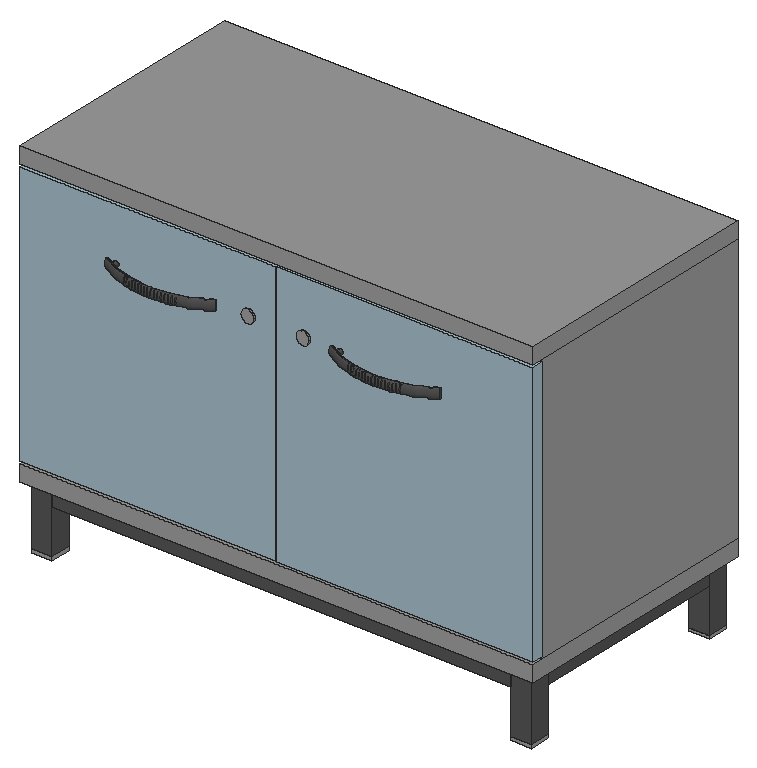
Revit family "800 Low Storage", category Furniture, Revit 2019
Family settings
  OmniClass Number = 23.40.20.00
  OmniClass Title = General Furniture and Specialties
  Work Plane-Based = No
  Always vertical = Yes
  Cut with Voids When Loaded = No
  Shared = No
  Room Calculation Point = No
Parameters (values of type "Storage - 800 Low Storage Unit")
  Width = 800 mm
  URL = "www.gof.co.uk"
  Range = "STORAGE"
  Product Data Specification = ""
  Product Code = "KQ0806ST"
  Product Brochure = ""
  Model = "KULTURE QUOLL"
  Manufacturer = "Gresham Office Furniture"  # constant formula
  Handle = Gresham - BLACK METAL
  Frame = Gresham - BLACK METAL
  Doors = Gresham - Azure
  Carcass = Gresham - MIDNIGHT ASH VERTICAL
  Depth = 400 mm
Reference planes
  plane 1 "Center (Front/Back)": y = 0
  plane 2: z = 0
  plane 3 "Center (Left/Right)": x = 0
  plane 4: x = -400
  plane 5: x = 400
  plane 6: y = 200
  plane 7 "Front": y = -200
  plane 8 "Storage Top": z = 569
  plane 9: z = 556.5
  plane 10 "Door Front": y = -182
  plane 11: z = 112.5
  plane 12: z = 544
  plane 13: z = 1400
  plane 14: z = 984
  plane 15: z = 959
  plane 16: z = 1375
  plane 17: z = 125
  plane 18: z = 100
  plane 19: z = 568.5
  plane 20: z = 543.5
Forms (mm)
  Extrusion 1, solid, material "Gresham - MIDNIGHT ASH VERTICAL" <- "Carcass"
    sketch origin (0, -5.525, 5) x (-1, 0, 0) y (0, -1, 0)
      loop
        line (382, -205.525) -> (382, -187.525) -> (-382, -187.525) -> (-382, -205.525) -> (382, -205.525)
    from 120 to 539
  Extrusion 2, solid, material "Gresham - MIDNIGHT ASH VERTICAL" <- "Carcass"
    sketch origin (0, 0, 0) x (1, 0, 0) y (0, 1, 0)
      loop
        line (-400, 200) -> (-400, -182) -> (-382, -182) -> (-382, 200) -> (-400, 200)
      loop
        line (400, 200) -> (382, 200) -> (382, -182) -> (400, -182) -> (400, 200)
    from 125 to 544
  Extrusion 3, solid, material "Gresham - MIDNIGHT ASH VERTICAL"
    sketch origin (0, 7, -5) x (0, 1, 0) y (0, 0, 1)
      loop
        line (-207, 549) -> (193, 549) -> (193, 574) -> (-207, 574) -> (-207, 549)
    from -400 to 400
  Extrusion 4, solid, material "Gresham - MIDNIGHT ASH VERTICAL" <- "Carcass"
    sketch origin (0, -6.874, 39) x (0, 1, 0) y (0, 0, 1)
      loop
        line (-193.126, 61) -> (206.874, 61) -> (206.874, 86) -> (-193.126, 86) -> (-193.126, 61)
    from -400 to 400
  Extrusion 5, solid, material "Gresham - MIDNIGHT ASH VERTICAL" <- "Carcass"
    sketch origin (-8.088, 0, 0) x (1, 0, 0) y (0, 1, 0)
      loop
        line (17.088, 182) -> (-0.912, 182) -> (-0.912, -182) -> (17.088, -182) -> (17.088, 182)
    from 125 to 544
Dimensions and locks
  equal spacing: plane 4, plane 3 "Center (Left/Right)", plane 5
  "Width": plane 4 to plane 5
  equal spacing: plane 6, plane 1 "Center (Front/Back)", plane 7 "Front"
  locked: Extrusion 2 to Extrusion 2 at 18  (x2)
  Extrusion 3 sketch curve to Extrusion 3 sketch curve = 25 mm
  "Depth": plane 6 to plane 7 "Front"
  Extrusion 2 to plane 7 "Front" = 18 mm
  plane 8 "Storage Top" to plane 2 = 569 mm
  locked: Extrusion 3 to Extrusion 3 at 25
  locked: Extrusion 1 to Extrusion 1 at 18
  locked: plane 8 "Storage Top" to plane 9 at 12.5
  equal spacing: Extrusion 5, plane 3 "Center (Left/Right)", Extrusion 5
  locked: Extrusion 5 to Extrusion 5 at 18
  locked: plane 10 "Door Front" to plane 7 "Front" at 18
  Extrusion 4 sketch curve to Extrusion 4 sketch curve = 25 mm
  equal spacing: Extrusion 4, plane 11, Extrusion 4
  locked: Extrusion 4 to Extrusion 4 at 25
  locked: plane 11 to level at 112.5
  locked: plane 8 "Storage Top" to plane 12 at 25
  plane 12 to plane 11 = 431.5 mm  (x2)
  locked: plane 13 to level at 1400
  locked: plane 14 to level at 984
  locked: plane 14 to plane 15 at 25
  locked: plane 13 to plane 16 at 25
  locked: plane 17 to plane 18 at 25
  locked: plane 19 to plane 20 at 25
  aligned and locked: level to plane 2
  aligned and locked: Extrusion 2 to plane 5
  aligned and locked: Extrusion 2 to plane 4
  aligned and locked: Extrusion 2 to Extrusion 1
  aligned and locked: Extrusion 1 to Extrusion 2  (x3)
  aligned and locked: Extrusion 3 to plane 5
  aligned and locked: Extrusion 3 to plane 4
  aligned and locked: Extrusion 2 to Extrusion 3
  aligned and locked: Extrusion 3 to plane 7 "Front"
  aligned and locked: plane 8 "Storage Top" to Extrusion 3
  aligned and locked: plane 6 to Extrusion 3
  aligned and locked: plane 6 to Extrusion 2  (x2)
  aligned and locked: plane 6 to Extrusion 1
  aligned and locked: plane 6 to Extrusion 4
  aligned and locked: Extrusion 5 sketch curve to Extrusion 1
  aligned and locked: Extrusion 1 to Extrusion 5  (x2)
  aligned and locked: Extrusion 4 to plane 7 "Front"
Automatic sketch dimensions
  Extrusion 1 sketch curve to plane 6 = 0 mm
  plane 5 to Extrusion 1 sketch curve = 18 mm
  plane 4 to Extrusion 1 sketch curve = 18 mm
  Extrusion 1 sketch curve to Extrusion 1 sketch curve = 18 mm
  Extrusion 2 sketch curve to plane 4 = 0 mm
  Extrusion 2 sketch curve to plane 6 = 0 mm  (x2)
  plane 10 "Door Front" to Extrusion 2 sketch curve = 0 mm  (x2)
  Extrusion 2 sketch curve to plane 5 = 0 mm
  plane 4 to Extrusion 2 sketch curve = 18 mm
  plane 5 to Extrusion 2 sketch curve = 18 mm
  Extrusion 3 sketch curve to plane 7 "Front" = 0 mm
  Extrusion 3 sketch curve to plane 6 = 0 mm
  Extrusion 3 sketch curve to plane 12 = 0 mm
  Extrusion 4 sketch curve to plane 7 "Front" = 0 mm
  Extrusion 4 sketch curve to plane 6 = 0 mm
  Extrusion 4 sketch curve to plane 18 = 0 mm
  plane 10 "Door Front" to Extrusion 5 sketch curve = 0 mm
  Extrusion 5 sketch curve to plane 3 "Center (Left/Right)" = 9 mm
  plane 3 "Center (Left/Right)" to Extrusion 5 sketch curve = 9 mm
Nested families
  nested 1: "Modular Storage Frame" at (0, 0, 0), type "Modular Storage Frame"
    with Width 780 mm
  nested 2: "Hinged Locking Wooden Doors - HD1 - Level 1" at (0, 0, 0), Doors <- "Doors", Handle <- "Handle", type "Hinged Locking Wooden Doors - HD1 - Level 1"
    with Handle Type D no, Handle Type C no, Handle Type B yes, Handle Gresham - BLACK METAL, Doors Gresham - Azure, Width 800 mm
Definition of nested family "Modular Storage Frame"
  Parameters (values of type "Modular Storage Frame")
    Width = 1180 mm
    URL = "www.gof.co.uk"
    Frame = none
    Range = "STORAGE"
    Product Data Specification = ""
    Product Code = ""
    Product Brochure = ""
    Model = "MODULAR STORAGE"
    Manufacturer = "Gresham Office Furniture"  # constant formula
    Foot = none
    Depth = 380 mm
  Reference planes
    plane 1 "Center (Front/Back)": y = 0
    plane 2: z = 0
    plane 3 "Center (Left/Right)": x = 0
    plane 4: x = -590
    plane 5: x = 590
    plane 6: y = 190
    plane 7: y = -190
  Forms (mm)
    Extrusion 1, solid, material <- "Frame"
      sketch origin (76, -5.525, 0) x (-1, 0, 0) y (0, -1, 0)
        loop
          line (634, -195.525) -> (634, -170.525) -> (-482, -170.525) -> (-482, -195.525) -> (634, -195.525)
        loop
          line (634, 184.475) -> (-482, 184.475) -> (-482, 159.475) -> (634, 159.475) -> (634, 184.475)
        loop
          line (-514, -163.525) -> (-489, -163.525) -> (-489, 152.475) -> (-514, 152.475) -> (-514, -163.525)
        loop
          line (666, -163.525) -> (666, 152.475) -> (641, 152.475) -> (641, -163.525) -> (666, -163.525)
      from 75 to 100
    Extrusion 2, solid, material <- "Frame"
      sketch origin (0, 0, 0) x (1, 0, 0) y (0, 1, 0)
        loop
          line (590, -190) -> (590, -158) -> (558, -158) -> (558, -190) -> (590, -190)
        loop
          line (590, 190) -> (558, 190) -> (558, 158) -> (590, 158) -> (590, 190)
        loop
          line (-590, -190) -> (-558, -190) -> (-558, -158) -> (-590, -158) -> (-590, -190)
        loop
          line (-590, 190) -> (-590, 158) -> (-558, 158) -> (-558, 190) -> (-590, 190)
      from 5 to 100
    Extrusion 3, solid, material <- "Foot"
      sketch origin (0, 0, 0) x (1, 0, 0) y (0, 1, 0)
        loop
          line (590, 190) -> (558, 190) -> (558, 158) -> (590, 158) -> (590, 190)
        loop
          line (590, -158) -> (558, -158) -> (558, -190) -> (590, -190) -> (590, -158)
        loop
          line (-590, -190) -> (-558, -190) -> (-558, -158) -> (-590, -158) -> (-590, -190)
        loop
          line (-590, 190) -> (-590, 158) -> (-558, 158) -> (-558, 190) -> (-590, 190)
      from 0 to 5
  Dimensions and locks
    equal spacing: plane 4, plane 3 "Center (Left/Right)", plane 5
    "Width": plane 4 to plane 5
    equal spacing: plane 6, plane 1 "Center (Front/Back)", plane 7
    "Depth": plane 6 to plane 7
    Extrusion 2 sketch curve to Extrusion 2 sketch curve = 32 mm  (x7)
    locked: Extrusion 1 to Extrusion 1 at 25
    locked: Extrusion 2 to plane 5 at 32  (x2)
    locked: Extrusion 2 to Extrusion 2 at 32
    locked: plane 6 to Extrusion 2 at 32  (x2)
    locked: plane 4 to Extrusion 2 at 32  (x2)
    locked: Extrusion 2 to plane 7 at 32
    locked: Extrusion 1 to plane 5 at 25
    locked: plane 4 to Extrusion 1 at 25
    Extrusion 1 to plane 2 = 100 mm
    aligned and locked: level to plane 2
    aligned and locked: Extrusion 2 to Extrusion 1
    aligned and locked: plane 6 to Extrusion 1
    aligned and locked: Extrusion 1 sketch curve to Extrusion 2
    aligned and locked: Extrusion 2 to Extrusion 1 sketch curve
  Automatic sketch dimensions
    Extrusion 1 sketch curve to plane 5 = 0 mm
    Extrusion 1 sketch curve to plane 7 = 0 mm
    Extrusion 1 sketch curve to plane 4 = 0 mm
    Extrusion 1 sketch curve to plane 6 = 0 mm
    Extrusion 1 sketch curve to Extrusion 1 sketch curve = 7 mm  (x5)
    plane 4 to Extrusion 1 sketch curve = 32 mm
    Extrusion 1 sketch curve to Extrusion 1 sketch curve = 25 mm  (x2)
    plane 7 to Extrusion 1 sketch curve = 32 mm  (x2)
    Extrusion 3 sketch curve to plane 4 = 0 mm  (x2)
    Extrusion 3 sketch curve to plane 7 = 0 mm  (x2)
    Extrusion 3 sketch curve to plane 6 = 0 mm  (x2)
    Extrusion 3 sketch curve to plane 5 = 0 mm  (x2)
    Extrusion 3 sketch curve to Extrusion 3 sketch curve = 32 mm  (x5)
    plane 7 to Extrusion 3 sketch curve = 32 mm
    Extrusion 3 sketch curve to plane 6 = 32 mm  (x2)
    Extrusion 2 sketch curve to plane 4 = 0 mm  (x2)
    Extrusion 2 sketch curve to plane 6 = 0 mm  (x2)
    Extrusion 2 sketch curve to plane 7 = 0 mm  (x2)
    Extrusion 2 sketch curve to plane 5 = 0 mm  (x2)
    Extrusion 2 sketch curve to Extrusion 2 sketch curve = 32 mm
Definition of nested family "Hinged Locking Wooden Doors - HD1 - Level 1"
  Parameters (values of type "Hinged Locking Wooden Doors - HD1 - Level 1")
    Width = 1200 mm
    URL = "www.gof.co.uk"
    Range = "STORAGE"
    Product Data Specification = ""
    Product Code = "HD1"
    Product Brochure = ""
    Model = "BOOKCASE"
    Manufacturer = "Gresham Office Furniture"  # constant formula
    Height = 1816 mm
    Handle Type D [instance] = no
    Handle Type C [instance] = yes
    Handle Type B [instance] = no
    Handle [instance] = none
    HD1 - Lock = yes
    Doors [instance] = none
    Depth = 400 mm
  Reference planes
    plane 1 "Center (Front/Back)": y = 0
    plane 2: z = 0
    plane 3 "Center (Left/Right)": x = 0
    plane 4: x = -600
    plane 5: x = 600
    plane 6: y = 200
    plane 7 "Front": y = -200
    plane 8 "Storage Top": z = 1816
    plane 9: z = 1803.5
    plane 10 "Door Front": y = -182
    plane 11: z = 112.5
    plane 12: z = 1791
    plane 13: z = 1400
    plane 14: z = 984
    plane 15: z = 959
    plane 16: z = 1375
    plane 17: z = 125
    plane 18: z = 100
  Forms (mm)
    Extrusion 1, solid, material <- "Doors", visible <- "HD1 - Lock"
      sketch origin (-839.743, -182, 703.9) x (1, 0, 0) y (0, 0, 1)
        loop
          line (840.743, -575.4) -> (1439.743, -575.4) -> (1439.743, -163.4) -> (840.743, -163.4) -> (840.743, -575.4)
      from 0 to 18
    Extrusion 2, solid, visible <- "HD1 - Lock"
      sketch origin (0, 0, 0) x (-1, 0, 0) y (0, 0, -1)
        loop
          circle (-43, -457) r 10
      from 200 to 202
    Extrusion 3, solid, material <- "Doors", visible <- "HD1 - Lock"
      sketch origin (839.743, -182, 703.9) x (-1, 0, 0) y (0, 0, -1)
        loop
          line (840.743, 575.4) -> (840.743, 163.4) -> (1439.743, 163.4) -> (1439.743, 575.4) -> (840.743, 575.4)
      from 0 to 18
    Extrusion 4, solid, visible <- "HD1 - Lock"
      sketch origin (0, 0, 0) x (1, 0, 0) y (0, 0, 1)
        loop
          circle (-43, 457) r 10
      from 200 to 202
  Dimensions and locks
    equal spacing: plane 4, plane 3 "Center (Left/Right)", plane 5
    "Width": plane 4 to plane 5
    equal spacing: plane 6, plane 1 "Center (Front/Back)", plane 7 "Front"
    "Depth": plane 6 to plane 7 "Front"
    "Height": plane 8 "Storage Top" to plane 2
    locked: plane 8 "Storage Top" to plane 9 at 12.5
    locked: plane 10 "Door Front" to plane 7 "Front" at 18
    locked: plane 11 to level at 112.5
    locked: plane 8 "Storage Top" to plane 12 at 25
    plane 12 to plane 11 = 1678.5 mm  (x2)
    locked: plane 13 to level at 1400
    locked: plane 14 to level at 984
    locked: plane 14 to plane 15 at 25
    locked: plane 13 to plane 16 at 25
    locked: plane 17 to plane 18 at 25
    locked: Extrusion 1 to Extrusion 1 at 412
    locked: Extrusion 1 to Extrusion 1 at 18
    locked: Extrusion 1 sketch curve to plane 3 "Center (Left/Right)" at 1
    locked: Extrusion 1 to nested 1 at 83.5
    locked: Extrusion 1 to nested 2 at 99
    locked: Extrusion 1 to nested 2 at 83.5
    locked: Extrusion 1 to nested 1 at 99
    locked: Extrusion 1 to nested 3 at 83.5
    locked: Extrusion 1 to nested 3 at 99
    locked: Extrusion 3 to Extrusion 3 at 412
    locked: Extrusion 3 to Extrusion 3 at 18
    locked: Extrusion 3 to nested 3 at 83.5
    locked: Extrusion 3 to nested 6 at 99
    locked: Extrusion 3 to nested 6 at 83.5
    locked: Extrusion 3 to nested 4 at 83.5
    locked: Extrusion 3 to nested 4 at 99
    locked: Extrusion 3 to nested 5 at 83.5
    locked: Extrusion 3 to nested 5 at 99
    locked: Extrusion 1 to plane 17 at 3.5
    aligned and locked: level to plane 2
    aligned and locked: Extrusion 2 sketch curve to nested 1
    aligned and locked: nested 6 to Extrusion 4 sketch curve
  Automatic sketch dimensions
    plane 5 to Extrusion 1 sketch curve = 0 mm
    plane 17 to Extrusion 1 sketch curve = 3.5 mm
    Extrusion 1 sketch curve to Extrusion 1 sketch curve = 412 mm
    Extrusion 2 sketch curve to plane 3 "Center (Left/Right)" = 43 mm
    Extrusion 3 sketch curve to plane 4 = 0 mm
    Extrusion 3 sketch curve to plane 3 "Center (Left/Right)" = 1 mm
    plane 17 to Extrusion 3 sketch curve = 415.5 mm
    plane 17 to Extrusion 3 sketch curve = 3.5 mm
    Extrusion 4 sketch curve to plane 3 "Center (Left/Right)" = 43 mm
    radius of Extrusion 2 sketch curve = 10 mm
    radius of Extrusion 4 sketch curve = 10 mm
  Nested families
    nested 1: "Handle Type C-1" at (175, -200, -524.138) x (-1, 0, 0) z (0, 0, 1), visible <- "Handle Type C", type "Handle Type C-1"
    nested 2: "Handle Type B-1" at (175, -200, -537.578) x (-1, 0, 0) z (0, 0, 1), visible <- "Handle Type B", type "Handle Type B-1"
    nested 3: "Handle Type D-1" at (175, -200, -537.578) x (-1, 0, 0) z (0, 0, 1), visible <- "Handle Type D", type "Handle Type D-1"
    nested 4: "Handle Type C-1" at (-175, -200, -524.138), visible <- "Handle Type C", type "Handle Type C-1"
    nested 5: "Handle Type B-1" at (-175, -200, -537.578), visible <- "Handle Type B", type "Handle Type B-1"
    nested 6: "Handle Type D-1" at (-175, -200, -537.578), visible <- "Handle Type D", type "Handle Type D-1"
  Definition of nested family "Handle Type C-1"
    Parameters (values of type "Handle Type C-1")
      URL = "www.gof.co.uk"
      Type Comments = ""
      Range = "STORAGE"
      Handle Type C = none
      Product Code = "Handle Type C"
      Model = ""
      Manufacturer = "Gresham Office Furniture"  # constant formula
      Assembly Code = "E2020200"
    Reference planes
      plane 1 "Center (Front/Back)": y = 0
      plane 2: z = 0
      plane 3 "Center (Left/Right)": x = 0
      plane 4: x = -475
      plane 5: x = 475
      plane 6 "Storage Top": z = 2007
      plane 7: y = 260
      plane 8: y = -260
    Forms (mm)
      Extrusion 1, void
        sketch origin (981.138, 0, 981.138) x (0, 1, 0) y (-1, 0, 0)
          loop
            line (0, 1072) -> (0, 884.5) -> (27.401, 884.5) -> (27.401, 1072) -> (0, 1072)
        from -12.204 to 11.22
      Sweep 2, solid, material <- "Handle Type C"
        path in 3D
          loop
            arc (-78.75, 3.75, 981.138) -> (0, -30, 981.138) -> (78.75, 3.75, 981.138) r 108.75
        profile origin (0, -30, 981.138) x (0, 1, 0) y (0, 0, 1)
          loop
            circle (0, 0) r 5
    Cuts and joins
      Extrusion 1 cuts Sweep 2
    Lines and regions (mm)
      model lines, detail levels coarse+medium
        curve 1: line (68, 0, 981.138) -> (-68, 0, 981.138)
      model lines, not visible, detail levels coarse+medium
        curve 2: line (0, 0, 986.138) -> (0, 0, 976.138)
      model lines, not visible
        curve 3: line (0, 0, 981.138) -> (0, -30, 981.138)
        curve 5: line (-75, 0, 976.138) -> (-75, 0, 986.138)
        curve 6: line (75, 0, 986.138) -> (75, 0, 976.138)
      sketch lines
        curve 4: arc (-78.75, 3.75, 981.138) -> (0, -30, 981.138) -> (78.75, 3.75, 981.138) r 108.75
    Dimensions and locks
      equal spacing: plane 4, plane 3 "Center (Left/Right)", plane 5
      locked: plane 4 to plane 5 at 950
      equal spacing: plane 7, plane 1 "Center (Front/Back)", plane 8
      locked: plane 7 to plane 8 at 520
      aligned and locked: level to plane 2
    Automatic sketch dimensions
      curve 3 to plane 1 "Center (Front/Back)" = 0 mm
      plane 1 "Center (Front/Back)" to curve 3 = 30 mm
      curve 2 to plane 3 "Center (Left/Right)" = 0 mm
      level to curve 2 = 976.138 mm
      curve 1 to plane 3 "Center (Left/Right)" = 68 mm
      curve 5 to curve 1 = 7 mm
      plane 3 "Center (Left/Right)" to curve 1 = 68 mm
      curve 1 to curve 6 = 7 mm
      curve 6 to curve 2 = 0 mm
      curve 5 to curve 2 = 0 mm
      curve 5 to curve 1 = 5 mm
      curve 1 to curve 6 = 5 mm
      curve 1 to curve 5 = 5 mm
      curve 2 to curve 2 = 10 mm
      plane 1 "Center (Front/Back)" to Extrusion 1 sketch curve = 0 mm
      Extrusion 1 sketch curve to plane 1 "Center (Front/Back)" = 27.401 mm
      plane 3 "Center (Left/Right)" to Extrusion 1 sketch curve = 96.638 mm
      Extrusion 1 sketch curve to plane 3 "Center (Left/Right)" = 90.862 mm
      Sweep 2 sketch curve to profile plane = 0 mm  (x2)
      level to curve 3 = 981.138 mm
      radius of Sweep 2 sketch curve = 5 mm
  Definition of nested family "Handle Type B-1"
    Parameters (values of type "Handle Type B-1")
      URL = "www.gof.co.uk"
      Type Comments = ""
      Range = "STORAGE"
      Handle Type B = none
      Product Code = "Handle Type B"
      Model = ""
      Manufacturer = "Gresham Office Furniture"  # constant formula
      Assembly Code = "E2020200"
    Reference planes
      plane 1 "Center (Front/Back)": y = 0
      plane 2: z = 0
      plane 3 "Center (Left/Right)": x = 0
      plane 4: x = -475
      plane 5: x = 475
      plane 6: y = 260
      plane 7: y = -260
    Forms (mm)
      Extrusion 1, void
        sketch origin (872.923, -128.373, 994.578) x (0, 1, 0) y (-1, 0, 0)
          loop
            line (71.667, 873.923) -> (71.667, 872.291) -> (97.075, 872.291) -> (97.075, 873.923) -> (71.667, 873.923)
        from -6 to 6
      Extrusion 2, solid, material <- "Handle Type B"
        sketch origin (988.138, 0, 994.578) x (0, 0, 1) y (-1, 0, 0)
          loop
            circle (0, 1063.138) r 4
          loop
            circle (0, 913.138) r 4
        from 0 to 10.354
      Sweep 3, solid, material <- "Handle Type B"
        path in 3D
          loop
            arc (-85, -5, 994.578) -> (0, -30, 994.578) -> (85, -5, 994.578) r 157
        profile origin (0, -30, 994.578) x (0, 1, 0) y (0, 0, 1)
          loop
            spline (0, 7.5) -> (-0.776, 7.244) -> (-1.5, 6.495) -> (-2.121, 5.303) -> (-2.598, 3.75) -> (-2.898, 1.941) -> (-3, 0) -> (-2.898, -1.941) -> (-2.598, -3.75) -> (-2.121, -5.303) -> (-1.5, -6.495) -> (-0.776, -7.244) -> (0, -7.5)
            spline (0, -7.5) -> (0.776, -7.244) -> (1.5, -6.495) -> (2.121, -5.303) -> (2.598, -3.75) -> (2.898, -1.941) -> (3, 0) -> (2.898, 1.941) -> (2.598, 3.75) -> (2.121, 5.303) -> (1.5, 6.495) -> (0.776, 7.244) -> (0, 7.5)
      Extrusion 4, void
        sketch origin (867.923, -128.373, 994.578) x (0, 1, 0) y (-1, 0, 0)
          loop
            line (71.667, 873.923) -> (71.667, 872.291) -> (97.075, 872.291) -> (97.075, 873.923) -> (71.667, 873.923)
        from -6 to 6
      Extrusion 5, void
        sketch origin (862.923, -128.373, 994.578) x (0, 1, 0) y (-1, 0, 0)
          loop
            line (71.667, 873.923) -> (71.667, 872.291) -> (98.373, 872.291) -> (98.373, 873.923) -> (71.667, 873.923)
        from -6 to 6
      Extrusion 6, void
        sketch origin (857.923, -128.373, 994.578) x (0, 1, 0) y (-1, 0, 0)
          loop
            line (71.667, 873.923) -> (71.667, 872.291) -> (98.373, 872.291) -> (98.373, 873.923) -> (71.667, 873.923)
        from -6 to 6
      Extrusion 7, void
        sketch origin (852.923, -128.373, 994.578) x (0, 1, 0) y (-1, 0, 0)
          loop
            line (71.667, 873.923) -> (71.667, 872.291) -> (98.842, 872.291) -> (98.842, 873.923) -> (71.667, 873.923)
        from -6 to 6
      Extrusion 8, void
        sketch origin (847.923, -128.373, 994.578) x (0, 1, 0) y (-1, 0, 0)
          loop
            line (71.667, 873.923) -> (71.667, 872.291) -> (99.385, 872.291) -> (99.385, 873.923) -> (71.667, 873.923)
        from -6 to 6
      Extrusion 9, void
        sketch origin (842.923, -128.373, 994.578) x (0, 1, 0) y (-1, 0, 0)
          loop
            line (71.667, 873.923) -> (71.667, 872.291) -> (100.2, 872.291) -> (100.2, 873.923) -> (71.667, 873.923)
        from -6 to 6
      Extrusion 10, void
        sketch origin (837.923, -128.373, 994.578) x (0, 1, 0) y (-1, 0, 0)
          loop
            line (71.667, 873.923) -> (71.667, 872.291) -> (100.984, 872.291) -> (100.984, 873.923) -> (71.667, 873.923)
        from -6 to 6
      Extrusion 11, void
        sketch origin (832.923, -128.373, 994.578) x (0, 1, 0) y (-1, 0, 0)
          loop
            line (71.667, 873.923) -> (71.667, 872.291) -> (102.35, 872.291) -> (102.35, 873.923) -> (71.667, 873.923)
        from -6 to 6
      Extrusion 12, void
        sketch origin (-867.923, -128.373, 994.578) x (0, 1, 0) y (-1, 0, 0)
          loop
            line (71.667, -873.923) -> (97.075, -873.923) -> (97.075, -872.291) -> (71.667, -872.291) -> (71.667, -873.923)
        from -6 to 6
      Extrusion 13, void
        sketch origin (-862.923, -128.373, 994.578) x (0, 1, 0) y (-1, 0, 0)
          loop
            line (71.667, -873.923) -> (98.373, -873.923) -> (98.373, -872.291) -> (71.667, -872.291) -> (71.667, -873.923)
        from -6 to 6
      Extrusion 14, void
        sketch origin (-857.923, -128.373, 994.578) x (0, 1, 0) y (-1, 0, 0)
          loop
            line (71.667, -873.923) -> (98.373, -873.923) -> (98.373, -872.291) -> (71.667, -872.291) -> (71.667, -873.923)
        from -6 to 6
      Extrusion 15, void
        sketch origin (-852.923, -128.373, 994.578) x (0, 1, 0) y (-1, 0, 0)
          loop
            line (71.667, -873.923) -> (98.842, -873.923) -> (98.842, -872.291) -> (71.667, -872.291) -> (71.667, -873.923)
        from -6 to 6
      Extrusion 16, void
        sketch origin (-847.923, -128.373, 994.578) x (0, 1, 0) y (-1, 0, 0)
          loop
            line (71.667, -873.923) -> (99.385, -873.923) -> (99.385, -872.291) -> (71.667, -872.291) -> (71.667, -873.923)
        from -6 to 6
      Extrusion 17, void
        sketch origin (-842.923, -128.373, 994.578) x (0, 1, 0) y (-1, 0, 0)
          loop
            line (71.667, -873.923) -> (100.2, -873.923) -> (100.2, -872.291) -> (71.667, -872.291) -> (71.667, -873.923)
        from -6 to 6
      Extrusion 18, void
        sketch origin (-837.923, -128.373, 994.578) x (0, 1, 0) y (-1, 0, 0)
          loop
            line (71.667, -873.923) -> (100.984, -873.923) -> (100.984, -872.291) -> (71.667, -872.291) -> (71.667, -873.923)
        from -6 to 6
      Extrusion 19, void
        sketch origin (-832.923, -128.373, 994.578) x (0, 1, 0) y (-1, 0, 0)
          loop
            line (71.667, -873.923) -> (102.35, -873.923) -> (102.35, -872.291) -> (71.667, -872.291) -> (71.667, -873.923)
        from -6 to 6
    Cuts and joins
      Extrusion 1, Extrusion 4, Extrusion 5, Extrusion 6, Extrusion 7, Extrusion 8, Extrusion 9, Extrusion 10, Extrusion 11, Extrusion 12, Extrusion 13, Extrusion 14, Extrusion 15, Extrusion 16, Extrusion 17, Extrusion 18, Extrusion 19 cuts Sweep 3
    Lines and regions (mm)
      model lines, not visible, detail levels coarse+medium
        curve 1: line (75, 0, 999.578) -> (75, 0, 989.578)
      model lines, not visible
        curve 2: line (-75, 0, 999.578) -> (-75, 0, 989.578)
        curve 3: line (-75, 0, 994.578) -> (75, 0, 994.578)
        curve 4: line (0, 0, 994.578) -> (0, -30, 994.578)
        curve 6: line (0, 0, 999.578) -> (0, 0, 989.578)
      sketch lines
        curve 5: arc (-85, -5, 994.578) -> (0, -30, 994.578) -> (85, -5, 994.578) r 157
    Dimensions and locks
      equal spacing: plane 4, plane 3 "Center (Left/Right)", plane 5
      locked: plane 4 to plane 5 at 950
      equal spacing: plane 6, plane 1 "Center (Front/Back)", plane 7
      locked: plane 6 to plane 7 at 520
      aligned and locked: level to plane 2
    Automatic sketch dimensions
      curve 4 to curve 4 = 30 mm
      curve 6 to plane 3 "Center (Left/Right)" = 0 mm
      plane 3 "Center (Left/Right)" to curve 1 = 75 mm
      level to curve 1 = 989.578 mm
      curve 3 to plane 3 "Center (Left/Right)" = 75 mm
      curve 2 to curve 1 = 0 mm
      curve 6 to curve 1 = 0 mm
      curve 2 to curve 3 = 5 mm
      curve 6 to curve 6 = 10 mm
      curve 3 to curve 2 = 5 mm
      curve 3 to curve 1 = 5 mm
      plane 3 "Center (Left/Right)" to Extrusion 1 sketch curve = 0.632 mm
      plane 1 "Center (Front/Back)" to Extrusion 1 sketch curve = 56.707 mm
      Extrusion 1 sketch curve to Extrusion 1 sketch curve = 25.409 mm
      Extrusion 1 sketch curve to plane 3 "Center (Left/Right)" = 1 mm
      plane 3 "Center (Left/Right)" to Extrusion 2 sketch curve = 75 mm
      level to Extrusion 2 sketch curve = 994.578 mm
      Extrusion 2 sketch curve to plane 3 "Center (Left/Right)" = 75 mm
      Extrusion 2 sketch curve to Extrusion 2 sketch curve = 0 mm
      Sweep 3 sketch curve to profile plane = 0 mm  (x2)
      Sweep 3 sketch curve to Sweep 3 sketch curve = 7.5 mm
      Extrusion 4 sketch curve to plane 3 "Center (Left/Right)" = 4.368 mm
      plane 1 "Center (Front/Back)" to Extrusion 4 sketch curve = 56.707 mm
      Extrusion 4 sketch curve to Extrusion 4 sketch curve = 25.409 mm
      Extrusion 4 sketch curve to Extrusion 4 sketch curve = 1.632 mm
      Extrusion 5 sketch curve to plane 3 "Center (Left/Right)" = 9.368 mm
      plane 1 "Center (Front/Back)" to Extrusion 5 sketch curve = 56.707 mm
      Extrusion 5 sketch curve to Extrusion 5 sketch curve = 26.707 mm
      Extrusion 5 sketch curve to Extrusion 5 sketch curve = 1.632 mm
      Extrusion 6 sketch curve to plane 3 "Center (Left/Right)" = 14.368 mm
      plane 1 "Center (Front/Back)" to Extrusion 6 sketch curve = 56.707 mm
      Extrusion 6 sketch curve to Extrusion 6 sketch curve = 26.707 mm
      Extrusion 6 sketch curve to Extrusion 6 sketch curve = 1.632 mm
      Extrusion 7 sketch curve to plane 3 "Center (Left/Right)" = 19.368 mm
      plane 1 "Center (Front/Back)" to Extrusion 7 sketch curve = 56.707 mm
      Extrusion 7 sketch curve to Extrusion 7 sketch curve = 27.176 mm
      Extrusion 7 sketch curve to Extrusion 7 sketch curve = 1.632 mm
      Extrusion 8 sketch curve to plane 3 "Center (Left/Right)" = 24.368 mm
      plane 1 "Center (Front/Back)" to Extrusion 8 sketch curve = 56.707 mm
      Extrusion 8 sketch curve to Extrusion 8 sketch curve = 27.719 mm
      Extrusion 8 sketch curve to Extrusion 8 sketch curve = 1.632 mm
      plane 1 "Center (Front/Back)" to Extrusion 9 sketch curve = 56.707 mm
      plane 1 "Center (Front/Back)" to Extrusion 9 sketch curve = 28.173 mm
      Extrusion 9 sketch curve to plane 3 "Center (Left/Right)" = 29.368 mm
      Extrusion 9 sketch curve to Extrusion 9 sketch curve = 1.632 mm
      plane 1 "Center (Front/Back)" to Extrusion 10 sketch curve = 56.707 mm
      plane 1 "Center (Front/Back)" to Extrusion 10 sketch curve = 27.389 mm
      Extrusion 10 sketch curve to plane 3 "Center (Left/Right)" = 34.368 mm
      Extrusion 10 sketch curve to Extrusion 10 sketch curve = 1.632 mm
      plane 1 "Center (Front/Back)" to Extrusion 11 sketch curve = 56.707 mm
      plane 1 "Center (Front/Back)" to Extrusion 11 sketch curve = 26.024 mm
      Extrusion 11 sketch curve to plane 3 "Center (Left/Right)" = 39.368 mm
      Extrusion 11 sketch curve to Extrusion 11 sketch curve = 1.632 mm
      plane 3 "Center (Left/Right)" to Extrusion 12 sketch curve = 4.368 mm
      plane 1 "Center (Front/Back)" to Extrusion 12 sketch curve = 56.707 mm
      Extrusion 12 sketch curve to Extrusion 12 sketch curve = 25.409 mm
      Extrusion 12 sketch curve to Extrusion 12 sketch curve = 1.632 mm
      plane 3 "Center (Left/Right)" to Extrusion 13 sketch curve = 9.368 mm
      plane 1 "Center (Front/Back)" to Extrusion 13 sketch curve = 56.707 mm
      Extrusion 13 sketch curve to Extrusion 13 sketch curve = 26.707 mm
      Extrusion 13 sketch curve to Extrusion 13 sketch curve = 1.632 mm
      plane 3 "Center (Left/Right)" to Extrusion 14 sketch curve = 14.368 mm
      plane 1 "Center (Front/Back)" to Extrusion 14 sketch curve = 56.707 mm
      Extrusion 14 sketch curve to Extrusion 14 sketch curve = 26.707 mm
      Extrusion 14 sketch curve to Extrusion 14 sketch curve = 1.632 mm
      plane 3 "Center (Left/Right)" to Extrusion 15 sketch curve = 19.368 mm
      plane 1 "Center (Front/Back)" to Extrusion 15 sketch curve = 56.707 mm
      Extrusion 15 sketch curve to Extrusion 15 sketch curve = 27.176 mm
      Extrusion 15 sketch curve to Extrusion 15 sketch curve = 1.632 mm
      plane 3 "Center (Left/Right)" to Extrusion 16 sketch curve = 24.368 mm
      plane 1 "Center (Front/Back)" to Extrusion 16 sketch curve = 56.707 mm
      Extrusion 16 sketch curve to Extrusion 16 sketch curve = 27.719 mm
      Extrusion 16 sketch curve to Extrusion 16 sketch curve = 1.632 mm
      plane 1 "Center (Front/Back)" to Extrusion 17 sketch curve = 56.707 mm
      plane 1 "Center (Front/Back)" to Extrusion 17 sketch curve = 28.173 mm
      plane 3 "Center (Left/Right)" to Extrusion 17 sketch curve = 31 mm
      Extrusion 17 sketch curve to Extrusion 17 sketch curve = 1.632 mm
      plane 1 "Center (Front/Back)" to Extrusion 18 sketch curve = 56.707 mm
      plane 1 "Center (Front/Back)" to Extrusion 18 sketch curve = 27.389 mm
      plane 3 "Center (Left/Right)" to Extrusion 18 sketch curve = 36 mm
      Extrusion 18 sketch curve to Extrusion 18 sketch curve = 1.632 mm
      plane 1 "Center (Front/Back)" to Extrusion 19 sketch curve = 56.707 mm
      plane 1 "Center (Front/Back)" to Extrusion 19 sketch curve = 26.024 mm
      plane 3 "Center (Left/Right)" to Extrusion 19 sketch curve = 41 mm
      Extrusion 19 sketch curve to Extrusion 19 sketch curve = 1.632 mm
      curve 4 to plane 1 "Center (Front/Back)" = 0 mm
      level to curve 4 = 994.578 mm
      radius of Extrusion 2 sketch curve = 4 mm  (x2)
  Definition of nested family "Handle Type D-1"
    Parameters (values of type "Handle Type D-1")
      URL = "www.gof.co.uk"
      Type Comments = ""
      Range = "STORAGE"
      Handle Type D = none
      Product Code = "Handle Type D"
      Model = ""
      Manufacturer = "Gresham Office Furniture"  # constant formula
      Assembly Code = "E2020200"
    Reference planes
      plane 1 "Center (Front/Back)": y = 0
      plane 2: z = 0
      plane 3 "Center (Left/Right)": x = 0
      plane 4: x = -475
      plane 5: x = 475
      plane 6: y = 260
      plane 7: y = -260
    Forms (mm)
      Extrusion 1, solid, material <- "Handle Type D"
        sketch origin (994.578, 0, 994.578) x (0, 0, 1) y (0, 1, 0)
          loop
            line (5, 0) -> (-5, 0) -> (-5, -6.91)
            arc (-5, -6.91) -> (-7.006, -15.176) -> (0, -20) r 7.5
            arc (0, -20) -> (7.006, -15.176) -> (5, -6.91) r 7.5
            line (5, -6.91) -> (5, 0)
        from 919.578 to 1069.578
    Lines and regions (mm)
      model lines, not visible, detail levels coarse+medium
        curve 1: line (75, 0, 999.578) -> (75, 0, 989.578)
        curve 2: line (-75, 0, 999.578) -> (-75, 0, 989.578)
      model lines, detail levels coarse+medium
        curve 3: line (-75, 0, 994.578) -> (75, 0, 994.578)
      model lines, not visible
        curve 4: line (0, 0, 999.578) -> (0, 0, 989.578)
    Dimensions and locks
      aligned and locked: level to plane 2
